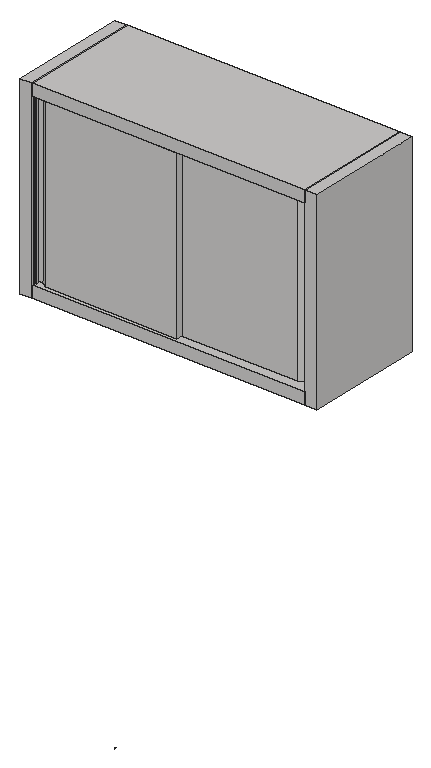
Revit family "QF_ZANUSSI_133209_PSS1000LCN", category Attrezzature speciali, Revit 2020
Family settings
  Quota connettore circolare = Usa diametro
  Tipo di parte = Normale
  Basato su piano di lavoro = No
  Sempre verticale = Sì
  Taglio con vuoti quando caricato = No
  Condiviso = No
  Punto di calcolo locali = No
Parameters (values of type "Standard")
  Weight = 24.00 kg
  Watts = 0 W
  Volts = 0 V
  URL Manufacturer = "http://www.zanussiprofessional.com"
  URL = "http://www.zanussiprofessional.com"
  Steam Supply Size = 0 mm
  Steam Supply Minimum Pressure = 0.0 Pa
  Steam Supply Maximum Pressure = 0.0 Pa
  Steam Consumption per Hour = 0
  Refrigeration Suction Line Size = 0.0 mm
  Refrigeration Liquid Line Size = 0.0 mm
  Refrigerant Compressor Remote = yes
  Prospetto di default = 0.0 mm
  Phase = 0
  Modello = "PSS1000LCN"
  Produttore = "Zanussi"
  Length Actual = 1000.0 mm  # constant formula
  Item Number = "133209"
  Hot Water Size = 0 mm
  Height Actual = 650.0 mm  # constant formula
  HP = "0 HP"
  Gas Size = 0 mm
  Gas KW = 0
  Gas Input Pressure = 0 W
  Direct Waste Size = 0 mm
  Descrizione = "WALL CUPBOARD+ PLATE RACK 2 DOORS 1000MM"
  Depth Actual = 400.0 mm  # constant formula
  Cycle = 0 Hz
  Condensate Return Size = 0 mm
  Compressed Air Volume = 0.0 L/s
  Compressed Air Size = 0 mm
  Compressed Air Pressure = 0.0 Pa
  Cold Water Size = 0 mm
  Accessory = yes
Reference planes
  plane 1 "Center (Front/Back)": y = 0
  plane 2: z = 0
  plane 3 "Center (Left/Right)": x = -300
  plane 4 "LEFT": x = -800
  plane 5 "RIGHT": x = 200
  plane 6 "BACK": y = 200
  plane 7 "FRONT": y = -200
  plane 8 "Base": z = 2200
  plane 9 "BASE": z = 1550
  plane 10: x = -760
  plane 11: x = 160
  plane 12: y = -197
  plane 13: y = 150
  plane 14: y = 197
Forms (mm)
  Extrusion 1, solid, material "QF_Finishes_Stainless Steel"
    sketch origin (0, 0, 1550) x (-1, 0, 0) y (0, -1, 0)
      loop
        line (800, -200) -> (800, 200) -> (760, 200) -> (760, -200) -> (800, -200)
      loop
        line (-160, -200) -> (-160, 200) -> (-200, 200) -> (-200, -200) -> (-160, -200)
    from 0 to 650
  Extrusion 2, solid, material "QF_Finishes_Stainless Steel"
    sketch origin (0, 0, 1550) x (-1, 0, 0) y (0, -1, 0)
      loop
        line (760, -150) -> (760, 200) -> (-160, 200) -> (-160, -150) -> (760, -150)
    from 0 to 40
  Extrusion 3, solid, material "QF_Finishes_Stainless Steel"
    sketch origin (0, 0, 0) x (1, 0, 0) y (0, 1, 0)
      loop
        line (-760, -200) -> (160, -200) -> (160, 200) -> (-760, 200) -> (-760, -200)
    from 2160 to 2200
  Extrusion 4, solid, material "QF_Finishes_Stainless Steel"
    sketch origin (0, 0, 0) x (1, 0, 0) y (0, 1, 0)
      loop
        line (-273.481, -197) -> (-273.481, -177) -> (-757, -177) -> (-757, -197) -> (-747, -197) -> (-747, -194) -> (-754, -194) -> (-754, -182) -> (-737, -182) -> (-717, -197) -> (-273.481, -197)
    from 1597 to 2160
  Extrusion 5, solid, material "QF_Finishes_Stainless Steel"
    sketch origin (0, 0, 0) x (1, 0, 0) y (0, 1, 0)
      loop
        line (-326.5, -177) -> (117, -177) -> (137, -162) -> (154, -162) -> (154, -174) -> (147, -174) -> (147, -177) -> (157, -177) -> (157, -157) -> (-326.5, -157) -> (-326.5, -177)
    from 2160 to 1597
  Extrusion 6, solid, material "QF_Finishes_Stainless Steel"
    sketch origin (0, 0, 0) x (1, 0, 0) y (0, 1, 0)
      loop
        line (-273.481, 197) -> (-717, 197) -> (-737, 182) -> (-754, 182) -> (-754, 194) -> (-747, 194) -> (-747, 197) -> (-757, 197) -> (-757, 177) -> (-273.481, 177) -> (-273.481, 197)
    from 1597 to 2160
  Extrusion 7, solid, material "QF_Finishes_Stainless Steel"
    sketch origin (0, 0, 0) x (1, 0, 0) y (0, 1, 0)
      loop
        line (-326.5, 177) -> (-326.5, 157) -> (157, 157) -> (157, 177) -> (147, 177) -> (147, 174) -> (154, 174) -> (154, 162) -> (137, 162) -> (117, 177) -> (-326.5, 177)
    from 2160 to 1597
  Extrusion 8, solid, material "QF_Finishes_Stainless Steel"
    sketch origin (0, 0, 0) x (1, 0, 0) y (0, 1, 0)
      loop
        line (-800, 200) -> (-800, 199) -> (-799, 199) -> (-799, 200) -> (-800, 200)
    from 0 to 1
Lines and regions (mm)
  symbolic lines, style "SpecialityEquipmentHiddenLines"
    curve 1: line (157, -157, 0) -> (-326.5, -157, 0)
    curve 2: line (-326.5, -157, 0) -> (-326.5, -177, 0)
    curve 3: line (117, -177, 0) -> (-757, -177, 0)
    curve 4: line (-273.5, -177, 0) -> (-273.5, -197, 0)
    curve 5: line (-757, -177, 0) -> (-757, -197, 0)
    curve 6: line (-755, -182, 0) -> (-754, -182, 0)
    curve 20: line (157, 157, 0) -> (-326.5, 157, 0)
    curve 21: line (-326.5, 157, 0) -> (-326.5, 177, 0)
    curve 22: line (117, 177, 0) -> (-757, 177, 0)
    curve 23: line (-273.5, 177, 0) -> (-273.5, 197, 0)
    curve 24: line (-757, 177, 0) -> (-757, 197, 0)
    curve 25: line (-755, 182, 0) -> (-754, 182, 0)
    curve 41: line (-717, -197, 0) -> (-273.5, -197, 0)
    curve 42: line (-757, -197, 0) -> (-747, -197, 0)
    curve 43: line (-747, 197, 0) -> (-757, 197, 0)
    curve 44: line (-717, 197, 0) -> (-273.5, 197, 0)
  symbolic lines
    curve 7: line (-800, 200, 0) -> (200, -200, 0)
    curve 8: line (200, 200, 0) -> (-800, -200, 0)
    curve 9: line (-755, -182, 0) -> (-717, -197, 0)
    curve 10: line (-754, -182, 0) -> (-754, -194, 0)
    curve 11: line (-754, -194, 0) -> (-747, -194, 0)
    curve 12: line (-747, -194, 0) -> (-747, -197, 0)
    curve 13: line (157, -157, 0) -> (157, -177, 0)
    curve 14: line (157, -177, 0) -> (147, -177, 0)
    curve 15: line (147, -177, 0) -> (147, -174, 0)
    curve 16: line (147, -174, 0) -> (154, -174, 0)
    curve 17: line (154, -174, 0) -> (154, -162, 0)
    curve 18: line (154, -162, 0) -> (137, -162, 0)
    curve 19: line (117, -177, 0) -> (137, -162, 0)
    curve 26: line (-755, 182, 0) -> (-717, 197, 0)
    curve 27: line (-754, 182, 0) -> (-754, 194, 0)
    curve 28: line (-754, 194, 0) -> (-747, 194, 0)
    curve 29: line (-747, 194, 0) -> (-747, 197, 0)
    curve 30: line (157, 157, 0) -> (157, 177, 0)
    curve 31: line (157, 177, 0) -> (147, 177, 0)
    curve 32: line (147, 177, 0) -> (147, 174, 0)
    curve 33: line (147, 174, 0) -> (154, 174, 0)
    curve 34: line (154, 174, 0) -> (154, 162, 0)
    curve 35: line (154, 162, 0) -> (137, 162, 0)
    curve 36: line (117, 177, 0) -> (137, 162, 0)
    curve 37: line (-800, 200, 0) -> (200, 200, 0)
    curve 38: line (-800, -200, 0) -> (-800, 200, 0)
    curve 39: line (200, -200, 0) -> (-800, -200, 0)
    curve 40: line (200, 200, 0) -> (200, -200, 0)
Dimensions and locks
  plane 4 "LEFT" to plane 5 "RIGHT" = 1000.0 mm
  equal spacing: plane 4 "LEFT", plane 3 "Center (Left/Right)", plane 5 "RIGHT"
  plane 6 "BACK" to plane 7 "FRONT" = 400.0 mm
  equal spacing: plane 6 "BACK", plane 1 "Center (Front/Back)", plane 7 "FRONT"
  plane 9 "BASE" to level = 1550.0 mm
  locked: plane 4 "LEFT" to plane 10 at 40
  locked: plane 11 to plane 5 "RIGHT" at 40
  plane 12 to plane 7 "FRONT" = 3.0 mm
  plane 6 "BACK" to plane 13 = 50.0 mm
  locked: plane 8 "Base" to plane 9 "BASE" at 650
  aligned and locked: level to plane 2
  aligned and locked: plane 8 "Base" to Extrusion 1
  aligned and locked: plane 6 "BACK" to Extrusion 1 sketch curve
  aligned and locked: Extrusion 1 sketch curve to plane 6 "BACK"
  aligned and locked: plane 7 "FRONT" to Extrusion 1 sketch curve
  aligned and locked: Extrusion 1 sketch curve to plane 7 "FRONT"
  aligned and locked: plane 10 to Extrusion 1
  aligned and locked: Extrusion 1 to plane 11
  aligned and locked: Extrusion 2 to plane 10
  aligned and locked: plane 11 to Extrusion 2
  aligned and locked: plane 8 "Base" to Extrusion 3
  aligned and locked: Extrusion 2 to plane 13
  aligned and locked: Extrusion 3 to plane 7 "FRONT"
  aligned and locked: Extrusion 2 to plane 7 "FRONT"
Automatic sketch dimensions
  Extrusion 1 sketch curve to plane 5 "RIGHT" = 0.0 mm
  Extrusion 1 sketch curve to plane 11 = 0.0 mm
  Extrusion 1 sketch curve to plane 10 = 0.0 mm
  Extrusion 1 sketch curve to plane 4 "LEFT" = 0.0 mm
  Extrusion 2 sketch curve to plane 11 = 0.0 mm
  Extrusion 2 sketch curve to plane 10 = 0.0 mm
  plane 13 to Extrusion 2 sketch curve = 0.0 mm
  Extrusion 2 sketch curve to plane 12 = 3.0 mm
  Extrusion 3 sketch curve to plane 10 = 0.0 mm
  Extrusion 3 sketch curve to plane 11 = 0.0 mm
  Extrusion 3 sketch curve to plane 12 = 3.0 mm
  Extrusion 3 sketch curve to plane 14 = 3.0 mm
  Extrusion 4 sketch curve to plane 12 = 0.0 mm  (x2)
  plane 10 to Extrusion 4 sketch curve = 3.0 mm
  Extrusion 4 sketch curve to Extrusion 4 sketch curve = 3.0 mm
  Extrusion 4 sketch curve to Extrusion 4 sketch curve = 7.0 mm
  Extrusion 4 sketch curve to Extrusion 4 sketch curve = 10.0 mm
  plane 3 "Center (Left/Right)" to Extrusion 4 sketch curve = 26.519 mm
  plane 12 to Extrusion 4 sketch curve = 3.0 mm
  Extrusion 4 sketch curve to Extrusion 4 sketch curve = 12.0 mm
  Extrusion 4 sketch curve to Extrusion 4 sketch curve = 20.0 mm  (x2)
  Extrusion 4 sketch curve to Extrusion 4 sketch curve = 0.0 mm
  Extrusion 5 sketch curve to plane 3 "Center (Left/Right)" = 26.5 mm
  plane 12 to Extrusion 5 sketch curve = 20.0 mm  (x2)
  Extrusion 5 sketch curve to plane 11 = 43.0 mm
  Extrusion 5 sketch curve to plane 11 = 23.0 mm
  Extrusion 5 sketch curve to plane 11 = 13.0 mm
  Extrusion 5 sketch curve to plane 11 = 6.0 mm
  Extrusion 5 sketch curve to plane 11 = 3.0 mm
  Extrusion 5 sketch curve to Extrusion 5 sketch curve = 3.0 mm
  Extrusion 5 sketch curve to Extrusion 5 sketch curve = 12.0 mm
  Extrusion 5 sketch curve to Extrusion 5 sketch curve = 20.0 mm
  plane 14 to Extrusion 6 sketch curve = 0.0 mm  (x2)
  Extrusion 6 sketch curve to plane 10 = 3.0 mm
  Extrusion 6 sketch curve to Extrusion 6 sketch curve = 3.0 mm
  Extrusion 6 sketch curve to Extrusion 6 sketch curve = 7.0 mm
  Extrusion 6 sketch curve to Extrusion 6 sketch curve = 10.0 mm
  Extrusion 6 sketch curve to plane 3 "Center (Left/Right)" = 26.519 mm
  Extrusion 6 sketch curve to plane 14 = 3.0 mm
  Extrusion 6 sketch curve to Extrusion 6 sketch curve = 12.0 mm
  Extrusion 6 sketch curve to Extrusion 6 sketch curve = 20.0 mm  (x2)
  Extrusion 6 sketch curve to Extrusion 6 sketch curve = 0.0 mm
  plane 3 "Center (Left/Right)" to Extrusion 7 sketch curve = 26.5 mm
  Extrusion 7 sketch curve to plane 14 = 20.0 mm  (x2)
  plane 11 to Extrusion 7 sketch curve = 43.0 mm
  plane 11 to Extrusion 7 sketch curve = 23.0 mm
  plane 11 to Extrusion 7 sketch curve = 13.0 mm
  plane 11 to Extrusion 7 sketch curve = 6.0 mm
  plane 11 to Extrusion 7 sketch curve = 3.0 mm
  Extrusion 7 sketch curve to Extrusion 7 sketch curve = 3.0 mm
  Extrusion 7 sketch curve to Extrusion 7 sketch curve = 12.0 mm
  plane 13 to Extrusion 7 sketch curve = 7.0 mm
  Extrusion 8 sketch curve to plane 6 "BACK" = 0.0 mm
  Extrusion 8 sketch curve to plane 4 "LEFT" = 0.0 mm
  plane 4 "LEFT" to Extrusion 8 sketch curve = 1.0 mm
  Extrusion 8 sketch curve to plane 6 "BACK" = 1.0 mm
  curve 39 to plane 4 "LEFT" = 0.0 mm
  curve 5 to plane 12 = 0.0 mm
  plane 14 to curve 24 = 0.0 mm
  curve 41 to plane 12 = 0.0 mm
  plane 14 to curve 26 = 0.0 mm
  curve 40 to plane 5 "RIGHT" = 0.0 mm
  curve 7 to plane 7 "FRONT" = 0.0 mm
  curve 7 to plane 6 "BACK" = 0.0 mm
  plane 10 to curve 24 = 3.0 mm
  plane 10 to curve 5 = 3.0 mm
  curve 24 to curve 27 = 3.0 mm
  curve 3 to curve 6 = 3.0 mm
  plane 12 to curve 12 = 3.0 mm
  curve 10 to curve 12 = 7.0 mm
  curve 27 to curve 29 = 7.0 mm
  curve 12 to curve 41 = 30.0 mm
  curve 29 to curve 26 = 30.0 mm
  curve 1 to plane 3 "Center (Left/Right)" = 26.5 mm
  curve 20 to plane 13 = 7.0 mm
  curve 20 to plane 3 "Center (Left/Right)" = 26.5 mm
  plane 3 "Center (Left/Right)" to curve 23 = 26.5 mm
  plane 3 "Center (Left/Right)" to curve 41 = 26.5 mm
  plane 12 to curve 3 = 20.0 mm
  curve 3 to plane 11 = 43.0 mm
  plane 14 to curve 36 = 20.0 mm
  curve 36 to plane 11 = 43.0 mm
  curve 36 to plane 11 = 23.0 mm
  curve 18 to plane 11 = 23.0 mm
  curve 14 to plane 11 = 13.0 mm
  curve 31 to plane 11 = 13.0 mm
  curve 34 to plane 11 = 6.0 mm
  curve 17 to plane 11 = 6.0 mm
  curve 31 to plane 11 = 3.0 mm
  curve 13 to plane 11 = 3.0 mm
  curve 6 to curve 3 = 5.0 mm
  plane 12 to curve 13 = 20.0 mm
  curve 14 to curve 16 = 3.0 mm
  curve 15 to curve 19 = 12.0 mm
  curve 2 to curve 2 = 20.0 mm
  curve 20 to curve 35 = 5.0 mm
  curve 34 to curve 33 = 12.0 mm
  curve 33 to curve 30 = 3.0 mm
  curve 22 to curve 25 = 5.0 mm
  plane 14 to curve 28 = 3.0 mm
  plane 14 to curve 26 = 15.0 mm
  plane 12 to curve 9 = 15.0 mm
